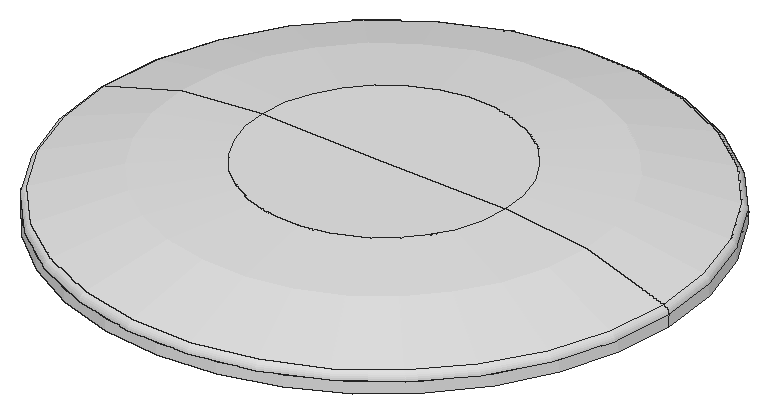
Revit family "Reece_Bath_Kado_Lussi_Freestanding Bath_Cast Solid Surface_1705 mm", category Plumbing Fixtures, Revit 2018
Family settings
  Round Connector Dimension = Use Diameter
  Part Type = Normal
  Work Plane-Based = Yes
  Always vertical = Yes
  Cut with Voids When Loaded = Yes
  Shared = Yes
  Room Calculation Point = Yes
Parameters
  URL = "https://www.reece.com.au/product/-9506954"
  Type Comments = "Bath"
  Reece_Product_Web Page = "https://www.reece.com.au/product/-9506954"
  Reece_Product_Type = "Bath"  # constant formula
  Reece_Product_Sub Brand = "Lussi"  # constant formula
  Reece_Product_Number = "9506954"
  Reece_Product_Mount = "Floor Mounted"
  Reece_Product_Description = "Kado Lussi Cast Solid Surface Freestanding Bath with Plug & Waste 1700mm"  # constant formula
  Reece_Product_Brand = "Kado"  # constant formula
  Reece_Overall_Width = 800 mm  # constant formula
  Reece_Overall_Length = 1705 mm  # constant formula
  Reece_Overall_Height = 570 mm  # constant formula
  Reece_Overall_Capacity = 354 L  # constant formula
  Reece_Material_Main = Reece_Cast_Solid_Surface_White
  Reece_Detail_Material = "Cast Solid Surface"  # constant formula
  Reece_Detail_Installation = "Freestanding Bath"  # constant formula
  Reece_Detail_Disclaimer = "THIS FILE IS THE PROPERTY OF THE REECE GROUP. IT MAY NOT BE REPRODUCED, REVERSE-ENGINEERED OR MODIFIED. ANY REPUBLICATION, TRANSMISSION OR DISTRIBUTION FOR THE PURPOSE OF COMMERCIALLY EXPLOITING THE FILES IS PROHIBITED."  # constant formula
  Reece_Detail_Connector = "Bottom Inlet"  # constant formula
  Reece_Bath_Outlet = 40 mm  # constant formula
  Model = "Lussi"
  Manufacturer = "Kado"
  Keynote = "Product #9506954, Reece_Bath_Kado_Lussi_Freestanding Bath_Cast Solid Surface_1705 mm -  "
  Disclaimer = "THIS FILE IS THE PROPERTY OF THE REECE GROUP. IT MAY NOT BE REPRODUCED, REVERSE-ENGINEERED OR MODIFIED. ANY REPUBLICATION, TRANSMISSION OR DISTRIBUTION FOR THE PURPOSE OF COMMERCIALLY EXPLOITING THE FILES IS PROHIBITED."  # constant formula
  Description = "Kado Lussi Cast Solid Surface Freestanding Bath with Plug & Waste 1700mm"
  Default Elevation = 0 mm
Types (2, lengths in mm): name | Keynote
  (no name) | "Product #9506954, Reece_Bath_Kado_Lussi_Freestanding Bath_Cast Solid Surface_1705 mm -  "
  1705 mm_354 ltr_White | "Product #9506954, Reece_Bath_Kado_Lussi_Freestanding Bath_Cast Solid Surface_1705 mm - 1705 mm_354 ltr_White"
Reference planes
  plane 1 "Center (Front/Back)": y = 0
  plane 2 "Bottom Host Plane": z = 0
  plane 3 "Center (Left/Right)": x = 0
  plane 4: x = -852.5
  plane 5: y = 400
  plane 6: y = -400
  plane 7: x = 852.5
  plane 8 "Top Host Plane": z = 570
Text (mm)
  text "Reece ©" at (3123.467, -1982.229, 2911.117), in view "Reece Preview"
  text "Reece Copyright © 2018, Reece Ltd." at (-805.174, -493.989, 0), in view "Ref. Level"
Dimensions and locks
  "Reece_Overall_Length": plane 4 to plane 7
  "Reece_Overall_Width": plane 5 to plane 6
  equal spacing: plane 6, plane 1 "Center (Front/Back)", plane 5
  equal spacing: plane 4, plane 3 "Center (Left/Right)", plane 7
  "Reece_Overall_Height": plane 8 "Top Host Plane" to level
  "Reece_Overall_Length": nested 1 to plane 7
  "Reece_Overall_Width": plane 6 to nested 1
Nested families
  nested 1: "Reece_Bath_Kado_Lussi_Freestanding Bath_Cast Solid Surface_1705 mm_354 ltr_Nested" at (0, 0, 0), Reece_Material_Main <- "Reece_Material_Main", type "1705 mm_354 ltr_White"
    with Reece_Material_Main Reece_Cast_Solid_Surface_White
Connectors
  piping at (0, 0, 90), diameter 40, driven by "Reece_Bath_Outlet"
    settings: on nested 1, index 1, connector inside diameter 609.6 mm, connector length 0 mm, flow factor 0, pipe flow 0.0 L/s, pressure drop 0.0 Pa, fitting loss kfactor 0, connector angle 0.00°, fixture units 0, engagement length 0 mm, angle of deflection 0.00°, flow configuration 0, flow direction 2, fitting loss method 0, system type 16, joint type 0, gender type 0, connector reference index -1, connector utility 0, adjustable connector no, is connector primary yes, connector description ""
Definition of nested family "Reece_Bath_Kado_Lussi_Freestanding Bath_Cast Solid Surface_1705 mm_354 ltr_Nested"
  Parameters (values of type "1705 mm_354 ltr_White")
    Waste Connection = no
    WFU = 0
    Vent Connection = no
    URL = ""
    Type Comments = ""
    Reece_Material_Main [instance] = none
    Model = ""
    Manufacturer = ""
    Keynote = ""
    HWFU = 0
    HW Connection = no
    Description = ""
    Default Elevation = 0 mm
    Cost = 0
    CWFU = 0
    CW Connection = no
    Assembly Code = ""
  Reference planes
    plane 1 "Center (Front/Back)": y = 0
    plane 2 "Bottom Host Plane": z = 0
    plane 3 "Center (Left/Right)": x = 0
    plane 4: x = -852.5
    plane 5: y = 400
    plane 6: y = -400
    plane 7: x = 852.5
    plane 8: z = 570
  Forms (mm)
    Revolve 1, solid, material <- "Reece_Material_Main"
      sketch origin (0, 0, 21.108) x (1, 0, 0) y (0, 0, 1)
        loop
          line (-25, 108.892) -> (-22.182, 106.074) -> (0, 106.074) -> (0, 107.074) -> (-21.768, 107.074) -> (-24.585, 109.892) -> (-27.315, 109.892) -> (-27.315, 108.892) -> (-25, 108.892)
        loop
          line (-35, 110.242) -> (0, 110.242) -> (0, 116.217) -> (-15, 116.217)
          arc (-15, 116.217) -> (-24.862, 115.279) -> (-34.37, 112.497) r 52.295
          arc (-34.37, 112.497) -> (-34.828, 112.13) -> (-35, 111.569) r 1
          line (-35, 111.569) -> (-35, 110.242)
        axis (0, 116.217) -> (0, 106.074)
      angle from 0 to 360
  Lines and regions (mm)
    symbolic lines
      curve 1: line (-560, 0, 0) -> (-852.5, 0, 570)
      curve 2: line (560, 0, 0) -> (852.5, 0, 570)
      curve 3: line (-560, 0, 0) -> (560, 0, 0)
      curve 4: line (0, -300.095, 0) -> (0, 300.095, 0)
      curve 5: line (0, -300.095, 0) -> (0, -400, 570)
      curve 6: line (0, 300.095, 0) -> (0, 400, 570)
  Text (mm)
    text "Reece ©" at (3164.959, -2329.881, 2521.972), in view "Reece Preview"
